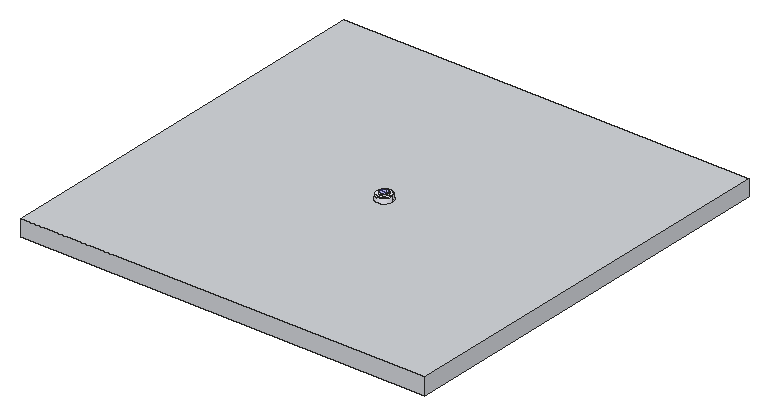
Revit family "BEG-92152", category Dispositifs d'éclairage, Revit 2015
Parameters
  Detection zone [instance] = yes
  Seat area [instance] = height position < 301 cm  # yes
  URL = "http://www.luxomat.com/en-92152"
  Type of output = "Slave"
  Ambiant temperature = "-25°C to +50°C"
  Ref = "92152"
  Relay = "0"
  height position [instance] = 250 cm
  direct Range [instance] = height position * 2.4  # 600 cm
  transversal Range [instance] = height position * 4  # 1000 cm
  Modèle = "PD2/S-SM Slave"
  Installation type = "Ceiling"
  Brand = "LUXOMAT"
  Image du type = 92550.jpg
  IP = "20"
  Mounting height max = Installation height max  # 300 cm
  Installation height max = 300 cm
  Fabricant = "B.E.G"
  Label [instance] = yes
  Default Elevation = 0 cm
  Consumption = "0,32W"
  Commentaires du type = "Occupancy detector PD2/S-SM Slave"
  Code d'assemblage = "D5010200"
  Class = "2"
  Switching power LED = "0"
  Switching power Cos ɸ =1 = "0"
  Switching power Cos ɸ =0.5 = "0"
  Power voltage = "110-240 V AC"
  seated activity [instance] = height position * 1.6  # 400 cm
Reference planes (cm)
  plane 1 "Centre (avant/arrière)": y = 0
  plane 2: z = 0
  plane 3 "Centre (gauche/droite)": x = 0
Forms (cm)
  Extrusion 1, solid
    sketch origin (0, 0, 0) x (1, 0, 0) y (0, 1, 0)
      loop
        line (-121.92, 121.92) -> (-121.92, -121.92) -> (121.92, -121.92) -> (121.92, 121.92) -> (-121.92, 121.92)
    from 0 to -10
Dimensions and locks (cm)
  aligned and locked: plane 2 to Extrusion 1
  aligned and locked: level to Extrusion 1
  aligned and locked: nested 2 to plane 2
Nested families (cm)
  nested 1: "Famille1" at (0, -72.6659, 0) x (-1, 0, 0) z (0, 0, 1), reference <- "Ref", modele <- "Modèle", visible <- "Label", type "Famille1"
    with reference "92152", modele "PD2/S-SM Slave"
  nested 2: "M8" at (0, 0, 0), type "Standard"
  nested 3: "zone G" at (0, 0, 0) x (-1, 0, 0) z (0, 0, 1), visible <- "Detection zone", activité assise <- "seated activity", biais <- "transversal Range", frontal <- "direct Range", Zone assise <- "Seat area", type "zone G"
    with position 2 240 cm, position 1 400 cm, frontal 600 cm, biais 1000 cm, activité assise 400 cm, Zone assise yes
  nested 4: "Plafond 360° 2D" at (0, 0, 0), type "Plafond 360° 2D"
Connectors (cm)
  electrical at (0, 0, 0)
    settings: on nested 2, index 1, voltage 240 V, apparent load 0 VA, apparent load phase1 0 VA, apparent load phase2 0 VA, apparent load phase3 0 VA, power factor 1, load classification "Eclairage", number of poles 1, system type 31, power factor state 1, is connector primary yes, connector utility no, sub classification motor no, connector description ""
Definition of nested family "M8"
  Reference planes (cm)
    plane 1 "Centre (avant/arrière)": y = 0
    plane 2: z = 0
    plane 3 "Centre (gauche/droite)": x = 0
    plane 4: y = 0
  Forms (cm)
    Revolve 1, solid
      sketch origin (0, 0, 0) x (-1, 0, 0) y (0, 0, 1)
        loop
          line (0, 0) -> (0, 3.6) -> (-2.45, 3.6) -> (-2.6598, 3.35) -> (-2.6598, 3.1) -> (-4.3661, 2.8) -> (-4.69, 2.4) -> (-4.9, 0) -> (0, 0)
        axis (0, 0) -> (0, 3.6)
      angle from 0 to 360
    Revolve 2, solid
      sketch origin (0, 0, 0) x (-1, 0, 0) y (0, 0, 1)
        loop
          line (0, 3.6) -> (0, 5)
          arc (0, 5) -> (-1.3892, 4.6244) -> (-2.4, 3.6) r 2.7571
          line (-2.4, 3.6) -> (0, 3.6)
        axis (0, 3.6) -> (0, 5)
      angle from 0 to 360
  Lines and regions (cm)
    reference lines
      curve 1: line (0, 0, 0) -> (0, 0, 5)
      curve 2: line (2.45, 0, 3.6) -> (0, 0, 3.6)
      curve 3: line (2.6598, 0, 3.35) -> (2.45, 0, 3.6)
      curve 4: line (2.6598, 0, 3.35) -> (2.6598, 0, 3.1)
      curve 5: line (4.3661, 0, 2.8) -> (2.6598, 0, 3.1)
      curve 6: line (4.69, 0, 2.4) -> (4.3661, 0, 2.8)
      curve 7: line (4.9, 0, 0) -> (4.69, 0, 2.4)
      curve 8: line (0, 0, 0) -> (4.9, 0, 0)
      curve 9: line (0, 0, 5) -> (0, 0, 3.6)
      curve 10: arc (0, 0, 5) -> (1.3892, 0, 4.6244) -> (2.4, 0, 3.6) r 2.7571
      curve 11: line (0, 0, 3.6) -> (2.4, 0, 3.6)
      curve 12: line (0, 0, 0) -> (0, 0, 5)
  Dimensions and locks (cm)
    aligned and locked: level to plane 2
    aligned and locked: Revolve 1 sketch curve to curve 1  (x2)
    aligned and locked: Revolve 1 sketch curve to curve 2
    aligned and locked: Revolve 1 sketch curve to curve 3
    aligned and locked: Revolve 1 sketch curve to curve 4
    aligned and locked: Revolve 1 sketch curve to curve 5
    aligned and locked: Revolve 1 sketch curve to curve 6
    aligned and locked: Revolve 1 sketch curve to curve 7
    aligned and locked: Revolve 1 sketch curve to curve 8
    aligned and locked: Revolve 2 sketch curve to curve 9
    aligned and locked: Revolve 2 sketch curve to curve 10
    aligned and locked: Revolve 2 sketch curve to curve 11
    aligned and locked: Revolve 2 sketch curve to curve 12
Definition of nested family "Famille1"
  Parameters (values of type "Famille1")
    reference [instance] = ""
    modele [instance] = ""
  Reference planes (cm)
    plane 1: y = 0
    plane 2: x = 0
  Text (cm)
    label "reference\n\nmodele" at (0.0074, 0.0451, 0), shows "reference", "modele"
Definition of nested family "zone G"
  Parameters (values of type "zone G")
    position 2 [instance] = (frontal / 2) * 0.8  # 240 cm
    position 1 [instance] = (biais / 2) * 0.8  # 400 cm
    frontal [instance] = 600 cm
    biais [instance] = 1000 cm
    activité assise [instance] = 400 cm
    Zone assise [instance] = yes
  Reference planes (cm)
    plane 1 "Centre (avant/arrière)": y = 0
    plane 2: z = 0
    plane 3 "Centre (gauche/droite)": x = 0
    plane 4: x = -400
    plane 5: y = -240
  Lines and regions (cm)
    detail lines, in view "Niveau de réf.", visible <- "Zone assise"
      curve 1: circle (0, 0, 0) r 200 normal (0, 0, 1)
      curve 4: spline (-105.2767, 3.2118, 0) -> (-104.9106, 3.0586, 0) -> (-103.8375, 2.9158, 0) -> (-102.1303, 2.7932, 0) -> (-99.9055, 2.6991, 0) -> (-97.3146, 2.6399, 0) -> (-94.5343, 2.6198, 0) -> (-91.7539, 2.6399, 0) -> (-89.163, 2.6991, 0) -> (-86.9382, 2.7932, 0) -> (-85.231, 2.9158, 0) -> (-84.1579, 3.0586, 0) -> (-83.7918, 3.2118, 0) -> (-84.1579, 3.365, 0) -> (-85.231, 3.5078, 0) -> (-86.9382, 3.6305, 0) -> (-89.163, 3.7245, 0) -> (-91.7539, 3.7837, 0) -> (-94.5343, 3.8039, 0) -> (-97.3146, 3.7837, 0) -> (-99.9055, 3.7245, 0) -> (-102.1303, 3.6305, 0) -> (-103.8375, 3.5078, 0) -> (-104.9106, 3.365, 0) -> (-105.2767, 3.2118, 0)
      curve 5: line (-105.2767, 3.2118, 0) -> (-103.7271, 3.5181, 0)
      curve 6: arc (-102.6495, -16.5888, 0) -> (-107.2915, -17.186, 0) -> (-111.6311, -18.9388, 0) r 18.3388
      curve 7: arc (-111.6311, -18.9388, 0) -> (-111.6982, -19.0046, 0) -> (-111.7229, -19.0953, 0) r 0.1799
      curve 8: arc (-102.4571, -17.1805, 0) -> (-106.7473, -17.5804, 0) -> (-110.8538, -18.8852, 0) r 20.1051
      curve 9: arc (-110.8538, -18.8852, 0) -> (-111.0396, -18.979, 0) -> (-111.2122, -19.0953, 0) r 1.6679
      curve 10: circle (-111.4676, -19.8292, 0) r 0.5096 normal (0, 0, 1)
      curve 11: arc (-110.898, -19.8292, 0) -> (-111.4676, -19.2597, 0) -> (-112.0372, -19.8292, 0) r 0.5696
      curve 12: arc (-110.838, -19.8292, 0) -> (-111.4676, -19.1997, 0) -> (-112.0972, -19.8292, 0) r 0.6296
      curve 13: arc (-86.4191, -16.5888, 0) -> (-81.7771, -17.186, 0) -> (-77.4374, -18.9388, 0) r 18.3388
      curve 14: arc (-77.4374, -18.9388, 0) -> (-77.3704, -19.0046, 0) -> (-77.3456, -19.0953, 0) r 0.1799
      curve 15: arc (-86.6114, -17.1805, 0) -> (-82.3212, -17.5804, 0) -> (-78.2147, -18.8852, 0) r 20.1051
      curve 16: arc (-78.2147, -18.8852, 0) -> (-78.0289, -18.979, 0) -> (-77.8563, -19.0953, 0) r 1.6679
      curve 17: circle (-77.6009, -19.8292, 0) r 0.5096 normal (0, 0, 1)
      curve 18: arc (-77.0314, -19.8292, 0) -> (-77.6009, -19.2597, 0) -> (-78.1705, -19.8292, 0) r 0.5696
      curve 19: arc (-76.9714, -19.8292, 0) -> (-77.6009, -19.1997, 0) -> (-78.2305, -19.8292, 0) r 0.6296
      curve 20: arc (-95.2593, -16.5888, 0) -> (-98.9871, -17.441, 0) -> (-102.5056, -18.9388, 0) r 21.5424
      curve 21: arc (-102.5056, -18.9388, 0) -> (-102.5726, -19.0046, 0) -> (-102.5974, -19.0953, 0) r 0.1799
      curve 22: arc (-95.2593, -17.1805, 0) -> (-98.5536, -17.8061, 0) -> (-101.7283, -18.8852, 0) r 23.9713
      curve 23: arc (-101.7283, -18.8852, 0) -> (-101.911, -18.9772, 0) -> (-102.081, -19.0909, 0) r 1.6679
      curve 24: arc (-95.0229, -17.1805, 0) -> (-98.2689, -17.8294, 0) -> (-101.4063, -18.8852, 0) r 26.0219
      curve 25: arc (-101.4063, -18.8852, 0) -> (-101.592, -18.979, 0) -> (-101.7647, -19.0953, 0) r 1.6679
      curve 26: circle (-102.181, -19.8292, 0) r 0.5096 normal (0, 0, 1)
      curve 27: arc (-101.6114, -19.8292, 0) -> (-102.181, -19.2597, 0) -> (-102.7506, -19.8292, 0) r 0.5696
      curve 28: arc (-101.5514, -19.8292, 0) -> (-102.181, -19.1997, 0) -> (-102.8106, -19.8292, 0) r 0.6296
      curve 29: arc (-93.8092, -16.5888, 0) -> (-90.0814, -17.441, 0) -> (-86.5629, -18.9388, 0) r 21.5424
      curve 30: arc (-86.5629, -18.9388, 0) -> (-86.4959, -19.0046, 0) -> (-86.4711, -19.0953, 0) r 0.1799
      curve 31: arc (-93.8092, -17.1805, 0) -> (-90.5149, -17.8061, 0) -> (-87.3402, -18.8852, 0) r 23.9713
      curve 32: arc (-87.3402, -18.8852, 0) -> (-87.1544, -18.979, 0) -> (-86.9818, -19.0953, 0) r 1.6679
      curve 33: arc (-94.0457, -17.1805, 0) -> (-90.7996, -17.8294, 0) -> (-87.6622, -18.8852, 0) r 26.0219
      curve 34: arc (-87.6622, -18.8852, 0) -> (-87.4765, -18.979, 0) -> (-87.3039, -19.0953, 0) r 1.6679
      curve 35: circle (-86.8875, -19.8292, 0) r 0.5096 normal (0, 0, 1)
      curve 36: arc (-86.3179, -19.8292, 0) -> (-86.8875, -19.2597, 0) -> (-87.4571, -19.8292, 0) r 0.5696
      curve 37: arc (-86.2579, -19.8292, 0) -> (-86.8875, -19.1997, 0) -> (-87.5171, -19.8292, 0) r 0.6296
      curve 38: arc (-103.0079, 8.8705, 0) -> (-101.8776, 5.8173, 0) -> (-98.8653, 4.5819, 0) r 4.0512
      curve 39: arc (-83.7186, 4.2269, 0) -> (-82.9538, 3.7817, 0) -> (-82.7946, 2.9112, 0) r 1.0582
      curve 40: arc (-82.7946, 2.9112, 0) -> (-84.0889, -6.227, 0) -> (-84.0703, -15.4564, 0) r 64.7189
      curve 41: arc (-84.0703, -15.4564, 0) -> (-83.933, -16.0031, 0) -> (-83.4527, -16.2981, 0) r 0.7467
      curve 42: arc (-83.4527, -16.2981, 0) -> (-80.3714, -16.8717, 0) -> (-77.238, -16.9405, 0) r 19.3577
      curve 43: arc (-77.238, -16.9405, 0) -> (-77.6363, -16.4391, 0) -> (-78.2461, -16.244, 0) r 1.1013
      curve 44: arc (-78.2461, -16.244, 0) -> (-80.4274, -15.8096, 0) -> (-82.5587, -15.1742, 0) r 23.8747
      curve 45: arc (-82.5587, -15.1742, 0) -> (-81.6045, -6.5488, 0) -> (-80.848, 2.0961, 0) r 379.1961
      curve 46: arc (-80.848, 2.0961, 0) -> (-81.0708, 4.8418, 0) -> (-83.0581, 6.7494, 0) r 3.8846
      curve 47: arc (-83.0581, 6.7494, 0) -> (-89.2141, 8.8147, 0) -> (-95.6542, 9.6431, 0) r 33.2193
      curve 48: arc (-95.6542, 9.6431, 0) -> (-94.8516, 17.305, 0) -> (-94.8609, 25.0089, 0) r 72.9952
      curve 49: arc (-95.1116, 28.28, 0) -> (-95.2196, 29.2958, 0) -> (-95.3418, 30.31, 0) r 72.9952
      curve 50: arc (-98.1747, 30.0752, 0) -> (-100.3426, 29.2913, 0) -> (-99.4886, 27.1501, 0) r 1.6042
      curve 51: arc (-95.3418, 30.31, 0) -> (-98.7298, 32.2574, 0) -> (-102.1179, 30.31, 0) r 3.9209
      curve 52: arc (-68.8418, 20.3177, 0) -> (-68.8537, 20.2265, 0) -> (-68.9411, 20.2549, 0) r 0.0597
      curve 53: arc (-70.9776, 20.5408, 0) -> (-70.9496, 20.3832, 0) -> (-71.1082, 20.3621, 0) r 0.1108
      curve 54: spline (-98.8908, 41.6409, 0) -> (-97.9793, 41.5103, 0) -> (-97.1229, 41.0855, 0) -> (-96.38, 40.3954, 0) -> (-95.8012, 39.4871, 0) -> (-95.426, 38.4224, 0) -> (-95.2799, 37.274, 0) -> (-95.3728, 36.12, 0) -> (-95.6985, 35.0392, 0) -> (-96.2348, 34.1051, 0) -> (-96.945, 33.3815, 0) -> (-97.7809, 32.9176, 0) -> (-98.6854, 32.7451, 0) -> (-99.5969, 32.8757, 0) -> (-100.4532, 33.3005, 0) -> (-101.1961, 33.9906, 0) -> (-101.7749, 34.8989, 0) -> (-102.1502, 35.9636, 0) -> (-102.2963, 37.112, 0) -> (-102.2033, 38.266, 0) -> (-101.8776, 39.3468, 0) -> (-101.3414, 40.2809, 0) -> (-100.6311, 41.0045, 0) -> (-99.7953, 41.4684, 0) -> (-98.8908, 41.6409, 0)
      curve 55: line (-74.1608, -20.3388, 0) -> (-33.3759, -20.3388, 0)
      curve 56: line (-33.3759, -20.3388, 0) -> (-33.3759, 18.6681, 0)
      curve 57: line (-33.3759, 18.6681, 0) -> (-74.1608, 18.6681, 0)
      curve 58: line (-74.1608, 18.6681, 0) -> (-74.1608, -20.3388, 0)
      curve 59: line (-74.1608, -20.3388, 0) -> (-120.7181, -20.3388, 0)
      curve 60: line (-80.1025, 18.6681, 0) -> (-27.4342, 18.6681, 0)
      curve 61: line (-27.4342, 18.6681, 0) -> (-27.4342, 20.1345, 0)
      curve 62: line (-27.4342, 20.1345, 0) -> (-80.1025, 20.1345, 0)
      curve 63: line (-80.1025, 20.1345, 0) -> (-80.1025, 18.6681, 0)
      curve 64: line (-95.5223, 2.6198, 0) -> (-93.5462, 2.6198, 0)
      curve 65: line (-93.5462, 2.6198, 0) -> (-93.5462, -16.5888, 0)
      curve 66: line (-93.5462, -16.5888, 0) -> (-95.5223, -16.5888, 0)
      curve 67: line (-95.5223, -16.5888, 0) -> (-95.5223, 2.6198, 0)
      curve 68: line (-95.5223, -16.5888, 0) -> (-102.6495, -16.5888, 0)
      curve 69: line (-111.7229, -19.0953, 0) -> (-111.2122, -19.0953, 0)
      curve 70: line (-93.8092, -16.5888, 0) -> (-94.0457, -17.1805, 0)
      curve 71: line (-94.0457, -17.1805, 0) -> (-93.8092, -17.1805, 0)
      curve 72: line (-93.8092, -17.1805, 0) -> (-94.5343, -17.1805, 0)
      curve 73: line (-94.5343, -17.1805, 0) -> (-95.2593, -17.1805, 0)
      curve 74: line (-95.2593, -17.1805, 0) -> (-95.0229, -17.1805, 0)
      curve 75: line (-95.0229, -17.1805, 0) -> (-95.2593, -16.5888, 0)
      curve 76: line (-98.1226, -17.1805, 0) -> (-102.4571, -17.1805, 0)
      curve 77: line (-112.0372, -19.8292, 0) -> (-112.0972, -19.8292, 0)
      curve 78: line (-110.898, -19.8292, 0) -> (-110.838, -19.8292, 0)
      curve 79: line (-111.3676, -19.2076, 0) -> (-111.3676, -19.0953, 0)
      curve 80: line (-111.5676, -19.2076, 0) -> (-111.5676, -19.0953, 0)
      curve 81: line (-93.5462, -16.5888, 0) -> (-86.4191, -16.5888, 0)
      curve 82: line (-77.3456, -19.0953, 0) -> (-77.8563, -19.0953, 0)
      curve 83: line (-90.9459, -17.1805, 0) -> (-86.6114, -17.1805, 0)
      curve 84: line (-77.0314, -19.8292, 0) -> (-76.9714, -19.8292, 0)
      curve 85: line (-78.1705, -19.8292, 0) -> (-78.2305, -19.8292, 0)
      curve 86: line (-77.7009, -19.2076, 0) -> (-77.7009, -19.0953, 0)
      curve 87: line (-77.5009, -19.2076, 0) -> (-77.5009, -19.0953, 0)
      curve 88: line (-102.5974, -19.0953, 0) -> (-101.7647, -19.0953, 0)
      curve 89: line (-102.7506, -19.8292, 0) -> (-102.8106, -19.8292, 0)
      curve 90: line (-101.6114, -19.8292, 0) -> (-101.5514, -19.8292, 0)
      curve 91: line (-102.081, -19.2076, 0) -> (-102.081, -19.0909, 0)
      curve 92: line (-102.281, -19.2076, 0) -> (-102.281, -19.0953, 0)
      curve 93: line (-86.4711, -19.0953, 0) -> (-87.3039, -19.0953, 0)
      curve 94: line (-86.3179, -19.8292, 0) -> (-86.2579, -19.8292, 0)
      curve 95: line (-87.4571, -19.8292, 0) -> (-87.5171, -19.8292, 0)
      curve 96: line (-86.9875, -19.2076, 0) -> (-86.9875, -19.0953, 0)
      curve 97: line (-86.7875, -19.2076, 0) -> (-86.7875, -19.0953, 0)
      curve 98: line (-98.8653, 4.5819, 0) -> (-83.7186, 4.2269, 0)
      curve 99: line (-103.0079, 8.8705, 0) -> (-102.1179, 30.31, 0)
      curve 100: line (-98.1747, 30.0752, 0) -> (-85.3255, 22.5448, 0)
      curve 101: line (-85.3255, 22.5448, 0) -> (-74.2929, 21.667, 0)
      curve 102: line (-74.2929, 21.667, 0) -> (-71.6033, 21.7219, 0)
      curve 103: line (-71.6033, 21.7219, 0) -> (-69.7371, 21.2829, 0)
      curve 104: line (-69.7371, 21.2829, 0) -> (-68.8418, 20.3177, 0)
      curve 105: line (-68.9411, 20.2549, 0) -> (-69.7808, 21.0896, 0)
      curve 106: line (-69.7808, 21.0896, 0) -> (-71.6115, 21.2989, 0)
      curve 107: line (-71.6115, 21.2989, 0) -> (-72.0159, 21.0248, 0)
      curve 108: line (-72.0159, 21.0248, 0) -> (-70.9776, 20.5408, 0)
      curve 109: line (-71.1082, 20.3621, 0) -> (-72.6656, 20.8949, 0)
      curve 110: line (-72.6656, 20.8949, 0) -> (-74.496, 20.6558, 0)
      curve 111: line (-74.496, 20.6558, 0) -> (-86.0144, 20.9158, 0)
      curve 112: line (-86.0144, 20.9158, 0) -> (-99.4886, 27.1501, 0)
      curve 113: line (-99.8644, 32.9741, 0) -> (-99.9944, 32.0479, 0)
      curve 114: line (-97.5142, 33.0301, 0) -> (-97.3718, 32.0147, 0)
      curve 115: line (-33.3759, -20.3388, 0) -> (-21.8014, -20.3388, 0)
    detail lines, in view "Niveau de réf."
      curve 2: circle (0, 0, 0) r 300 normal (0, 0, 1)
      curve 3: circle (0, 0, 0) r 500 normal (0, 0, 1)
      curve 116: spline (2.3068, -267.7265, 0) -> (4.0856, -267.3949, 0) -> (5.7432, -266.4226, 0) -> (7.1667, -264.876, 0) -> (8.2589, -262.8603, 0) -> (8.9455, -260.5131, 0) -> (9.1797, -257.9942, 0) -> (8.9455, -255.4753, 0) -> (8.2589, -253.1281, 0) -> (7.1667, -251.1125, 0) -> (5.7432, -249.5658, 0) -> (4.0856, -248.5936, 0) -> (2.3068, -248.262, 0) -> (0.5279, -248.5936, 0) -> (-1.1297, -249.5658, 0) -> (-2.5531, -251.1125, 0) -> (-3.6453, -253.1281, 0) -> (-4.3319, -255.4753, 0) -> (-4.5661, -257.9942, 0) -> (-4.3319, -260.5131, 0) -> (-3.6453, -262.8603, 0) -> (-2.5531, -264.876, 0) -> (-1.1297, -266.4226, 0) -> (0.5279, -267.3949, 0) -> (2.3068, -267.7265, 0)
      curve 117: line (-4.7649, -255.0929, 0) -> (0.5136, -267.9212, 0)
      curve 118: line (3.5648, -268.0775, 0) -> (9.2455, -254.5266, 0)
      curve 119: line (-0.3759, -248.4588, 0) -> (-3.0011, -250.8806, 0)
      curve 120: line (3.5053, -268.5045, 0) -> (6.62, -268.3756, 0)
      curve 121: line (1.7304, -268.3525, 0) -> (3.5053, -268.5045, 0)
      curve 122: line (-4.7649, -255.0929, 0) -> (0.5136, -267.9212, 0)
      curve 123: line (-21.1936, -255.3894, 0) -> (-24.4202, -257.3623, 0)
      curve 124: line (-21.1936, -255.3894, 0) -> (-24.4202, -257.3623, 0)
      curve 125: line (-0.3759, -248.4588, 0) -> (-3.0011, -250.8806, 0)
      curve 126: line (1.7304, -268.3525, 0) -> (6.62, -268.3756, 0)
      curve 127: line (3.5648, -268.0775, 0) -> (9.2455, -254.5266, 0)
      curve 128: line (0, -240, 0) -> (0, -209.0788, 0)
      curve 129: line (0, -209.0788, 0) -> (0, -200.7814, 0)
      curve 130: spline (-397.6932, -27.7265, 0) -> (-395.9144, -27.3949, 0) -> (-394.2568, -26.4226, 0) -> (-392.8333, -24.876, 0) -> (-391.7411, -22.8603, 0) -> (-391.0545, -20.5131, 0) -> (-390.8203, -17.9942, 0) -> (-391.0545, -15.4753, 0) -> (-391.7411, -13.1281, 0) -> (-392.8333, -11.1125, 0) -> (-394.2568, -9.5658, 0) -> (-395.9144, -8.5936, 0) -> (-397.6932, -8.262, 0) -> (-399.4721, -8.5936, 0) -> (-401.1297, -9.5658, 0) -> (-402.5531, -11.1125, 0) -> (-403.6453, -13.1281, 0) -> (-404.3319, -15.4753, 0) -> (-404.5661, -17.9942, 0) -> (-404.3319, -20.5131, 0) -> (-403.6453, -22.8603, 0) -> (-402.5531, -24.876, 0) -> (-401.1297, -26.4226, 0) -> (-399.4721, -27.3949, 0) -> (-397.6932, -27.7265, 0)
      curve 131: line (-404.7649, -15.0929, 0) -> (-399.4864, -27.9212, 0)
      curve 132: line (-396.4352, -28.0775, 0) -> (-390.7545, -14.5266, 0)
      curve 133: line (-400.3759, -8.4588, 0) -> (-403.0011, -10.8806, 0)
      curve 134: line (-396.4947, -28.5045, 0) -> (-393.38, -28.3756, 0)
      curve 135: line (-398.2696, -28.3525, 0) -> (-396.4947, -28.5045, 0)
      curve 136: line (-404.7649, -15.0929, 0) -> (-399.4864, -27.9212, 0)
      curve 137: line (-421.1936, -15.3894, 0) -> (-424.4202, -17.3623, 0)
      curve 138: line (-421.1936, -15.3894, 0) -> (-424.4202, -17.3623, 0)
      curve 139: line (-400.3759, -8.4588, 0) -> (-403.0011, -10.8806, 0)
      curve 140: line (-398.2696, -28.3525, 0) -> (-393.38, -28.3756, 0)
      curve 141: line (-396.4352, -28.0775, 0) -> (-390.7545, -14.5266, 0)
      curve 142: line (-400, 0, 0) -> (-400, 30.9212, 0)
      curve 143: line (-400, 30.9212, 0) -> (-400, 39.2186, 0)
    detail lines, in view "Niveau de réf.", visible <- "Zone assise", not visible
      curve 144: spline (925.976, -22.5654, 0) -> (926.342, -22.7186, 0) -> (927.4152, -22.8614, 0) -> (929.1224, -22.984, 0) -> (931.3472, -23.0781, 0) -> (933.938, -23.1373, 0) -> (936.7184, -23.1574, 0) -> (939.4987, -23.1373, 0) -> (942.0896, -23.0781, 0) -> (944.3144, -22.984, 0) -> (946.0216, -22.8614, 0) -> (947.0948, -22.7186, 0) -> (947.4608, -22.5654, 0) -> (947.0948, -22.4122, 0) -> (946.0216, -22.2694, 0) -> (944.3144, -22.1467, 0) -> (942.0896, -22.0527, 0) -> (939.4987, -21.9935, 0) -> (936.7184, -21.9733, 0) -> (933.938, -21.9935, 0) -> (931.3472, -22.0527, 0) -> (929.1224, -22.1467, 0) -> (927.4152, -22.2694, 0) -> (926.342, -22.4122, 0) -> (925.976, -22.5654, 0)
      curve 145: line (925.976, -22.5654, 0) -> (927.5256, -22.2591, 0)
      curve 146: arc (928.6032, -42.366, 0) -> (923.9612, -42.9632, 0) -> (919.6215, -44.716, 0) r 18.3388
      curve 147: arc (919.6215, -44.716, 0) -> (919.5545, -44.7818, 0) -> (919.5297, -44.8725, 0) r 0.1799
      curve 148: arc (928.7956, -42.9577, 0) -> (924.5053, -43.3576, 0) -> (920.3988, -44.6624, 0) r 20.1051
      curve 149: arc (920.3988, -44.6624, 0) -> (920.213, -44.7562, 0) -> (920.0404, -44.8725, 0) r 1.6679
      curve 150: circle (919.7851, -45.6065, 0) r 0.5096 normal (0, 0, 1)
      curve 151: arc (920.3547, -45.6065, 0) -> (919.7851, -45.0369, 0) -> (919.2155, -45.6065, 0) r 0.5696
      curve 152: arc (920.4147, -45.6065, 0) -> (919.7851, -44.9769, 0) -> (919.1555, -45.6065, 0) r 0.6296
      curve 153: arc (944.8336, -42.366, 0) -> (949.4756, -42.9632, 0) -> (953.8152, -44.716, 0) r 18.3388
      curve 154: arc (953.8152, -44.716, 0) -> (953.8823, -44.7818, 0) -> (953.907, -44.8725, 0) r 0.1799
      curve 155: arc (944.6412, -42.9577, 0) -> (948.9315, -43.3576, 0) -> (953.038, -44.6624, 0) r 20.1051
      curve 156: arc (953.038, -44.6624, 0) -> (953.2237, -44.7562, 0) -> (953.3964, -44.8725, 0) r 1.6679
      curve 157: circle (953.6517, -45.6065, 0) r 0.5096 normal (0, 0, 1)
      curve 158: arc (954.2213, -45.6065, 0) -> (953.6517, -45.0369, 0) -> (953.0821, -45.6065, 0) r 0.5696
      curve 159: arc (954.2813, -45.6065, 0) -> (953.6517, -44.9769, 0) -> (953.0221, -45.6065, 0) r 0.6296
      curve 160: arc (935.9933, -42.366, 0) -> (932.2655, -43.2182, 0) -> (928.7471, -44.716, 0) r 21.5424
      curve 161: arc (928.7471, -44.716, 0) -> (928.68, -44.7818, 0) -> (928.6553, -44.8725, 0) r 0.1799
      curve 162: arc (935.9933, -42.9577, 0) -> (932.6991, -43.5833, 0) -> (929.5243, -44.6624, 0) r 23.9713
      curve 163: arc (929.5243, -44.6624, 0) -> (929.3417, -44.7544, 0) -> (929.1716, -44.8681, 0) r 1.6679
      curve 164: arc (936.2298, -42.9577, 0) -> (932.9838, -43.6066, 0) -> (929.8464, -44.6624, 0) r 26.0219
      curve 165: arc (929.8464, -44.6624, 0) -> (929.6606, -44.7562, 0) -> (929.488, -44.8725, 0) r 1.6679
      curve 166: circle (929.0716, -45.6065, 0) r 0.5096 normal (0, 0, 1)
      curve 167: arc (929.6412, -45.6065, 0) -> (929.0716, -45.0369, 0) -> (928.502, -45.6065, 0) r 0.5696
      curve 168: arc (929.7012, -45.6065, 0) -> (929.0716, -44.9769, 0) -> (928.442, -45.6065, 0) r 0.6296
      curve 169: arc (937.4435, -42.366, 0) -> (941.1713, -43.2182, 0) -> (944.6897, -44.716, 0) r 21.5424
      curve 170: arc (944.6897, -44.716, 0) -> (944.7568, -44.7818, 0) -> (944.7815, -44.8725, 0) r 0.1799
      curve 171: arc (937.4435, -42.9577, 0) -> (940.7377, -43.5833, 0) -> (943.9124, -44.6624, 0) r 23.9713
      curve 172: arc (943.9124, -44.6624, 0) -> (944.0982, -44.7562, 0) -> (944.2708, -44.8725, 0) r 1.6679
      curve 173: arc (937.207, -42.9577, 0) -> (940.453, -43.6066, 0) -> (943.5904, -44.6624, 0) r 26.0219
      curve 174: arc (943.5904, -44.6624, 0) -> (943.7762, -44.7562, 0) -> (943.9488, -44.8725, 0) r 1.6679
      curve 175: circle (944.3651, -45.6065, 0) r 0.5096 normal (0, 0, 1)
      curve 176: arc (944.9347, -45.6065, 0) -> (944.3651, -45.0369, 0) -> (943.7956, -45.6065, 0) r 0.5696
      curve 177: arc (944.9947, -45.6065, 0) -> (944.3651, -44.9769, 0) -> (943.7356, -45.6065, 0) r 0.6296
      curve 178: arc (928.2447, -16.9067, 0) -> (929.3751, -19.9599, 0) -> (932.3873, -21.1953, 0) r 4.0512
      curve 179: arc (947.5341, -21.5503, 0) -> (948.2989, -21.9955, 0) -> (948.4581, -22.866, 0) r 1.0582
      curve 180: arc (948.4581, -22.866, 0) -> (947.1637, -32.0042, 0) -> (947.1824, -41.2336, 0) r 64.7189
      curve 181: arc (947.1824, -41.2336, 0) -> (947.3196, -41.7803, 0) -> (947.8, -42.0753, 0) r 0.7467
      curve 182: arc (947.8, -42.0753, 0) -> (950.8812, -42.6489, 0) -> (954.0146, -42.7177, 0) r 19.3577
      curve 183: arc (954.0146, -42.7177, 0) -> (953.6164, -42.2163, 0) -> (953.0065, -42.0212, 0) r 1.1013
      curve 184: arc (953.0065, -42.0212, 0) -> (950.8253, -41.5868, 0) -> (948.6939, -40.9514, 0) r 23.8747
      curve 185: arc (948.6939, -40.9514, 0) -> (949.6481, -32.326, 0) -> (950.4047, -23.6811, 0) r 379.1961
      curve 186: arc (950.4047, -23.6811, 0) -> (950.1819, -20.9354, 0) -> (948.1945, -19.0278, 0) r 3.8846
      curve 187: arc (948.1945, -19.0278, 0) -> (942.0386, -16.9625, 0) -> (935.5985, -16.1341, 0) r 33.2193
      curve 188: arc (935.5985, -16.1341, 0) -> (936.4011, -8.4722, 0) -> (936.3918, -0.7683, 0) r 72.9952
      curve 189: arc (936.1411, 2.5028, 0) -> (936.0331, 3.5186, 0) -> (935.9108, 4.5328, 0) r 72.9952
      curve 190: arc (933.0779, 4.298, 0) -> (930.9101, 3.5141, 0) -> (931.7641, 1.3729, 0) r 1.6042
      curve 191: arc (935.9108, 4.5328, 0) -> (932.5228, 6.4802, 0) -> (929.1348, 4.5328, 0) r 3.9209
      curve 192: arc (962.4108, -5.4595, 0) -> (962.3989, -5.5507, 0) -> (962.3115, -5.5223, 0) r 0.0597
      curve 193: arc (960.275, -5.2364, 0) -> (960.303, -5.394, 0) -> (960.1444, -5.4151, 0) r 0.1108
      curve 194: spline (932.3619, 15.8637, 0) -> (933.2734, 15.7331, 0) -> (934.1297, 15.3083, 0) -> (934.8726, 14.6182, 0) -> (935.4514, 13.7099, 0) -> (935.8267, 12.6452, 0) -> (935.9728, 11.4968, 0) -> (935.8798, 10.3428, 0) -> (935.5541, 9.262, 0) -> (935.0179, 8.3279, 0) -> (934.3076, 7.6043, 0) -> (933.4718, 7.1404, 0) -> (932.5673, 6.9679, 0) -> (931.6558, 7.0985, 0) -> (930.7994, 7.5233, 0) -> (930.0565, 8.2134, 0) -> (929.4777, 9.1217, 0) -> (929.1025, 10.1864, 0) -> (928.9564, 11.3348, 0) -> (929.0493, 12.4888, 0) -> (929.375, 13.5696, 0) -> (929.9113, 14.5037, 0) -> (930.6215, 15.2273, 0) -> (931.4574, 15.6912, 0) -> (932.3619, 15.8637, 0)
      curve 195: line (957.0918, -46.116, 0) -> (997.8768, -46.116, 0)
      curve 196: line (997.8768, -46.116, 0) -> (997.8768, -7.1091, 0)
      curve 197: line (997.8768, -7.1091, 0) -> (957.0918, -7.1091, 0)
      curve 198: line (957.0918, -7.1091, 0) -> (957.0918, -46.116, 0)
      curve 199: line (957.0918, -46.116, 0) -> (910.5345, -46.116, 0)
      curve 200: line (951.1501, -7.1091, 0) -> (1003.8185, -7.1091, 0)
      curve 201: line (1003.8185, -7.1091, 0) -> (1003.8185, -5.6427, 0)
      curve 202: line (1003.8185, -5.6427, 0) -> (951.1501, -5.6427, 0)
      curve 203: line (951.1501, -5.6427, 0) -> (951.1501, -7.1091, 0)
      curve 204: line (935.7304, -23.1574, 0) -> (937.7064, -23.1574, 0)
      curve 205: line (937.7064, -23.1574, 0) -> (937.7064, -42.366, 0)
      curve 206: line (937.7064, -42.366, 0) -> (935.7304, -42.366, 0)
      curve 207: line (935.7304, -42.366, 0) -> (935.7304, -23.1574, 0)
      curve 208: line (935.7304, -42.366, 0) -> (928.6032, -42.366, 0)
      curve 209: line (919.5297, -44.8725, 0) -> (920.0404, -44.8725, 0)
      curve 210: line (937.4435, -42.366, 0) -> (937.207, -42.9577, 0)
      curve 211: line (937.207, -42.9577, 0) -> (937.4435, -42.9577, 0)
      curve 212: line (937.4435, -42.9577, 0) -> (936.7184, -42.9577, 0)
      curve 213: line (936.7184, -42.9577, 0) -> (935.9933, -42.9577, 0)
      curve 214: line (935.9933, -42.9577, 0) -> (936.2298, -42.9577, 0)
      curve 215: line (936.2298, -42.9577, 0) -> (935.9933, -42.366, 0)
      curve 216: line (933.13, -42.9577, 0) -> (928.7956, -42.9577, 0)
      curve 217: line (919.2155, -45.6065, 0) -> (919.1555, -45.6065, 0)
      curve 218: line (920.3547, -45.6065, 0) -> (920.4147, -45.6065, 0)
      curve 219: line (919.8851, -44.9848, 0) -> (919.8851, -44.8725, 0)
      curve 220: line (919.6851, -44.9848, 0) -> (919.6851, -44.8725, 0)
      curve 221: line (937.7064, -42.366, 0) -> (944.8336, -42.366, 0)
      curve 222: line (953.907, -44.8725, 0) -> (953.3964, -44.8725, 0)
      curve 223: line (940.3068, -42.9577, 0) -> (944.6412, -42.9577, 0)
      curve 224: line (954.2213, -45.6065, 0) -> (954.2813, -45.6065, 0)
      curve 225: line (953.0821, -45.6065, 0) -> (953.0221, -45.6065, 0)
      curve 226: line (953.5517, -44.9848, 0) -> (953.5517, -44.8725, 0)
      curve 227: line (953.7517, -44.9848, 0) -> (953.7517, -44.8725, 0)
      curve 228: line (928.6553, -44.8725, 0) -> (929.488, -44.8725, 0)
      curve 229: line (928.502, -45.6065, 0) -> (928.442, -45.6065, 0)
      curve 230: line (929.6412, -45.6065, 0) -> (929.7012, -45.6065, 0)
      curve 231: line (929.1716, -44.9848, 0) -> (929.1716, -44.8681, 0)
      curve 232: line (928.9716, -44.9848, 0) -> (928.9716, -44.8725, 0)
      curve 233: line (944.7815, -44.8725, 0) -> (943.9488, -44.8725, 0)
      curve 234: line (944.9347, -45.6065, 0) -> (944.9947, -45.6065, 0)
      curve 235: line (943.7956, -45.6065, 0) -> (943.7356, -45.6065, 0)
      curve 236: line (944.2651, -44.9848, 0) -> (944.2651, -44.8725, 0)
      curve 237: line (944.4651, -44.9848, 0) -> (944.4651, -44.8725, 0)
      curve 238: line (932.3873, -21.1953, 0) -> (947.5341, -21.5503, 0)
      curve 239: line (928.2447, -16.9067, 0) -> (929.1348, 4.5328, 0)
      curve 240: line (933.0779, 4.298, 0) -> (945.9271, -3.2324, 0)
      curve 241: line (945.9271, -3.2324, 0) -> (956.9598, -4.1102, 0)
      curve 242: line (956.9598, -4.1102, 0) -> (959.6493, -4.0553, 0)
      curve 243: line (959.6493, -4.0553, 0) -> (961.5155, -4.4943, 0)
      curve 244: line (961.5155, -4.4943, 0) -> (962.4108, -5.4595, 0)
      curve 245: line (962.3115, -5.5223, 0) -> (961.4719, -4.6876, 0)
      curve 246: line (961.4719, -4.6876, 0) -> (959.6412, -4.4783, 0)
      curve 247: line (959.6412, -4.4783, 0) -> (959.2367, -4.7524, 0)
      curve 248: line (959.2367, -4.7524, 0) -> (960.275, -5.2364, 0)
      curve 249: line (960.1444, -5.4151, 0) -> (958.5871, -4.8823, 0)
      curve 250: line (958.5871, -4.8823, 0) -> (956.7566, -5.1214, 0)
      curve 251: line (956.7566, -5.1214, 0) -> (945.2383, -4.8614, 0)
      curve 252: line (945.2383, -4.8614, 0) -> (931.7641, 1.3729, 0)
      curve 253: line (931.3882, 7.1969, 0) -> (931.2583, 6.2707, 0)
      curve 254: line (933.7384, 7.2529, 0) -> (933.8809, 6.2375, 0)
      curve 255: line (997.8768, -46.116, 0) -> (1009.4512, -46.116, 0)
    detail lines, in view "Niveau de réf.", not visible
      curve 256: spline (630.3724, -48.277, 0) -> (632.1512, -47.9453, 0) -> (633.8088, -46.9731, 0) -> (635.2323, -45.4264, 0) -> (636.3245, -43.4108, 0) -> (637.0111, -41.0636, 0) -> (637.2453, -38.5447, 0) -> (637.0111, -36.0258, 0) -> (636.3245, -33.6786, 0) -> (635.2323, -31.663, 0) -> (633.8088, -30.1163, 0) -> (632.1512, -29.1441, 0) -> (630.3724, -28.8124, 0) -> (628.5935, -29.1441, 0) -> (626.9359, -30.1163, 0) -> (625.5125, -31.663, 0) -> (624.4202, -33.6786, 0) -> (623.7336, -36.0258, 0) -> (623.4995, -38.5447, 0) -> (623.7336, -41.0636, 0) -> (624.4202, -43.4108, 0) -> (625.5125, -45.4264, 0) -> (626.9359, -46.9731, 0) -> (628.5935, -47.9453, 0) -> (630.3724, -48.277, 0)
      curve 257: line (623.3007, -35.6434, 0) -> (628.5792, -48.4717, 0)
      curve 258: line (631.6303, -48.628, 0) -> (637.311, -35.0771, 0)
      curve 259: line (627.6897, -29.0093, 0) -> (625.0645, -31.4311, 0)
      curve 260: line (631.5709, -49.055, 0) -> (634.6856, -48.9261, 0)
      curve 261: line (629.7959, -48.903, 0) -> (631.5709, -49.055, 0)
      curve 262: line (623.3007, -35.6434, 0) -> (628.5792, -48.4717, 0)
      curve 263: line (606.872, -35.9399, 0) -> (603.6454, -37.9127, 0)
      curve 264: line (606.872, -35.9399, 0) -> (603.6454, -37.9127, 0)
      curve 265: line (627.6897, -29.0093, 0) -> (625.0645, -31.4311, 0)
      curve 266: line (629.7959, -48.903, 0) -> (634.6856, -48.9261, 0)
      curve 267: line (631.6303, -48.628, 0) -> (637.311, -35.0771, 0)
      curve 268: line (628.0656, -20.5505, 0) -> (628.0656, 10.3707, 0)
      curve 269: line (628.0656, 10.3707, 0) -> (628.0656, 18.6681, 0)
      curve 270: spline (1030.3724, -260.777, 0) -> (1032.1512, -260.4453, 0) -> (1033.8088, -259.4731, 0) -> (1035.2323, -257.9264, 0) -> (1036.3245, -255.9108, 0) -> (1037.0111, -253.5636, 0) -> (1037.2453, -251.0447, 0) -> (1037.0111, -248.5258, 0) -> (1036.3245, -246.1786, 0) -> (1035.2323, -244.163, 0) -> (1033.8088, -242.6163, 0) -> (1032.1512, -241.6441, 0) -> (1030.3724, -241.3124, 0) -> (1028.5935, -241.6441, 0) -> (1026.9359, -242.6163, 0) -> (1025.5125, -244.163, 0) -> (1024.4202, -246.1786, 0) -> (1023.7336, -248.5258, 0) -> (1023.4995, -251.0447, 0) -> (1023.7336, -253.5636, 0) -> (1024.4202, -255.9108, 0) -> (1025.5125, -257.9264, 0) -> (1026.9359, -259.4731, 0) -> (1028.5935, -260.4453, 0) -> (1030.3724, -260.777, 0)
      curve 271: line (1023.3007, -248.1434, 0) -> (1028.5792, -260.9717, 0)
      curve 272: line (1031.6303, -261.128, 0) -> (1037.311, -247.5771, 0)
      curve 273: line (1027.6897, -241.5093, 0) -> (1025.0645, -243.9311, 0)
      curve 274: line (1031.5709, -261.555, 0) -> (1034.6856, -261.4261, 0)
      curve 275: line (1029.7959, -261.403, 0) -> (1031.5709, -261.555, 0)
      curve 276: line (1023.3007, -248.1434, 0) -> (1028.5792, -260.9717, 0)
      curve 277: line (1006.872, -248.4399, 0) -> (1003.6454, -250.4127, 0)
      curve 278: line (1006.872, -248.4399, 0) -> (1003.6454, -250.4127, 0)
      curve 279: line (1027.6897, -241.5093, 0) -> (1025.0645, -243.9311, 0)
      curve 280: line (1029.7959, -261.403, 0) -> (1034.6856, -261.4261, 0)
      curve 281: line (1031.6303, -261.128, 0) -> (1037.311, -247.5771, 0)
      curve 282: line (1028.0656, -233.0505, 0) -> (1028.0656, -202.1293, 0)
      curve 283: line (1028.0656, -202.1293, 0) -> (1028.0656, -193.8319, 0)
  Text (cm)
    text "2" at (0.4332, -281.3743, 0), in view "Niveau de réf."
    text "1" at (-399.5668, -41.3743, 0), in view "Niveau de réf."
    text "1" at (628.4988, -61.9248, 0), in view "Niveau de réf.", not visible
    text "2" at (1028.4988, -274.4248, 0), in view "Niveau de réf.", not visible
  Dimensions and locks (cm)
    "position 1": plane 4 to plane 3 "Centre (gauche/droite)"
    "position 2": plane 5 to plane 1 "Centre (avant/arrière)"
    "activité assise": diameter of curve 1
    "biais": diameter of curve 3
    "frontal": diameter of curve 2
    aligned and locked: curve 142 to plane 1 "Centre (avant/arrière)"
    aligned and locked: curve 128 to plane 3 "Centre (gauche/droite)"
    aligned and locked: plane 4 to curve 142
    aligned and locked: plane 5 to curve 128
  Automatic sketch dimensions
    curve 1 to curve 2 = 0 cm  (x2)
    curve 1 to curve 3 = 0 cm  (x2)
    curve 2 to curve 3 = 0 cm  (x2)
    plane 1 "Centre (avant/arrière)" to curve 2 = 0 cm
    curve 2 to plane 3 "Centre (gauche/droite)" = 0 cm
Definition of nested family "Plafond 360° 2D"
  Reference planes (cm)
    plane 1: y = 0
    plane 2: x = 0
  Lines and regions (cm)
    Filled region 1, type "rouge"
      outline origin (0, 0, 0) x (1, 0, 0) y (0, 1, 0)
        loop
          circle (0, 0) r 0.0294
    detail lines
      curve 1: arc (-0.1732, 0.1, 0) -> (-0.2, 0, 0) -> (-0.1732, -0.1, 0) r 0.2
      curve 2: arc (-0.1, -0.1732, 0) -> (0, -0.2, 0) -> (0.1, -0.1732, 0) r 0.2
      curve 3: arc (0.1732, -0.1, 0) -> (0.2, 0, 0) -> (0.1732, 0.1, 0) r 0.2
      curve 4: arc (0.1, 0.1732, 0) -> (0, 0.2, 0) -> (-0.1, 0.1732, 0) r 0.2
      curve 5: arc (-0.1375, 0.0794, 0) -> (-0.1588, 0, 0) -> (-0.1375, -0.0794, 0) r 0.1588
      curve 6: arc (-0.0794, -0.1375, 0) -> (0, -0.1588, 0) -> (0.0794, -0.1375, 0) r 0.1588
      curve 7: arc (0.1375, -0.0794, 0) -> (0.1588, 0, 0) -> (0.1375, 0.0794, 0) r 0.1588
      curve 8: arc (0.0794, 0.1375, 0) -> (0, 0.1588, 0) -> (-0.0794, 0.1375, 0) r 0.1588
      curve 9: arc (-0.1019, 0.0588, 0) -> (-0.1176, 0, 0) -> (-0.1019, -0.0588, 0) r 0.1176
      curve 10: arc (-0.0588, -0.1019, 0) -> (0, -0.1176, 0) -> (0.0588, -0.1019, 0) r 0.1176
      curve 11: arc (0.1019, -0.0588, 0) -> (0.1176, 0, 0) -> (0.1019, 0.0588, 0) r 0.1176
      curve 12: arc (0.0588, 0.1019, 0) -> (0, 0.1176, 0) -> (-0.0588, 0.1019, 0) r 0.1176
      curve 13: arc (-0.0294, 0, 0) -> (0, -0.0294, 0) -> (0.0294, 0, 0) r 0.0294
      curve 14: arc (0.0294, 0, 0) -> (0, 0.0294, 0) -> (-0.0294, 0, 0) r 0.0294
